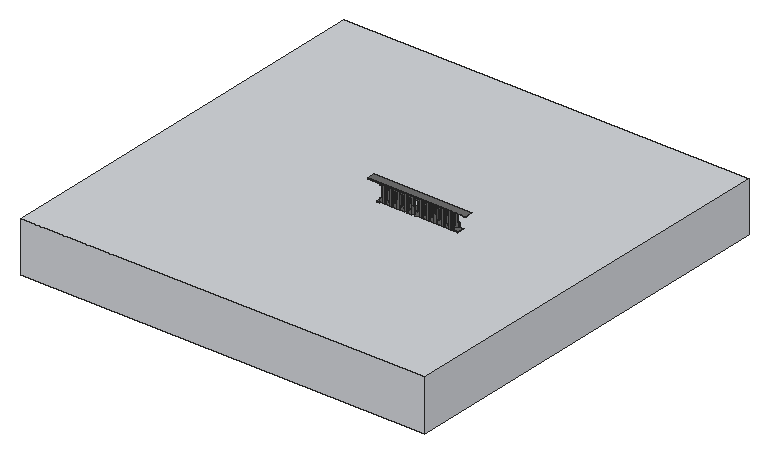
Revit family
Parameters (values of type "RS-RWM-1")
  Weight = 1.368 lbf
  U/M = "EA"
  U Space = "1"
  System = "Racks, Cable Mgt & RouteIT"
  Serial Number = "RS-RWM-1"
  Segment = "CSS"
  Ports = "0"
  Model = "CABLE MANAGER"
  Metal = none
  Manufacturer = "SIEMON"
  Loaded/Empty = "N/A"
  Item Group = "RACKS"
  Item Class = "1D"
  Description = "HORZ.CABLE MNGR.1U SINGLE W/COVER"
  Default Elevation = 4' - 0"
  Color = "Black"
Reference planes (in)
  plane 1 "Center (Front/Back)": y = 0
  plane 2: z = 0
  plane 3 "Center (Left/Right)": x = 0
Forms (in)
  Extrusion 1, solid
    sketch origin (0, 0, 0) x (1, 0, 0) y (0, 1, 0)
      loop
        line (-48, 48) -> (-48, -48) -> (48, -48) -> (48, 48) -> (-48, 48)
    from 0 to -12
Dimensions and locks (in)
  aligned and locked: plane 2 to Extrusion 1
  aligned and locked: level to Extrusion 1
Nested families (in)
  nested 1: "RS-RWM-1[1][1]" at (8.27115, -1.92781, 1.07979) x (0, 1, 0) z (0, 0, 1), type "RS-RWM-1[1][1]"
Definition of nested family "RS-RWM-1[1][1]"
  Parameters (values of type "RS-RWM-1[1][1]")
    Weight = "0.6 kgs (1.4 lbs)"
    UL Rating = "UL 1863"
    U Space / Capacity = "1U"
    Text1 = Symbol
    Text = Text
    Part Number = "RS-RWM-1"
    Material = Aluminum w/plastic fingers
    Manufacturer contact info/website = "www.siemon.com"
    Manufacturer = "Siemon"
    Dimensions (H x W x D) = "44.5mm x 0.48m x 102mm\r\n(1.75 in. x 19.0 in. x 4.0 in.)"
    Description = "Horizontal Cable Manager"
    Clearance = "89mm (3.5 in.) Front"
    Assembly Code = ""
  Reference planes (in)
    plane 1: z = -1.07979
    plane 2 "Center (Left/Right)": x = 1.14142
    plane 3: y = 0
    plane 4: y = 0
    plane 5: y = -1.64917
    plane 6: y = -0.90254
    plane 7: y = -1.64917
  Forms (in)
    Extrusion 1, solid, material "Aluminum w/plastic fingers" <- "Material"
      sketch origin (2.12203, -1.86104, 0.11974) x (0, 0, -1) y (-1, 0, 0)
        loop
          line (-2.97482, 1.87008) -> (-2.97482, 0) -> (-2.8747, 0) -> (-2.8747, 1.87008) -> (-2.97482, 1.87008)
      from -10.53993 to 12.71046
    Blend 2, solid, material "Aluminum w/plastic fingers" <- "Material"
      base sketch origin (-16.04472, 5.14683, 3.15234) x (1, 0, 0) y (0, 1, 0)
        loop
          arc (18.16629, -7.07514) -> (17.88715, -6.796) -> (18.16629, -6.51686) r 0.27914
          line (18.16629, -6.51686) -> (18.16629, -5.32317)
          arc (18.16629, -5.32317) -> (17.88715, -5.04403) -> (18.16629, -4.76489) r 0.27914
          line (18.16629, -4.76489) -> (18.16629, -3.57121)
          arc (18.16629, -3.57121) -> (17.88715, -3.29206) -> (18.16629, -3.01292) r 0.27914
          line (18.16629, -3.01292) -> (18.16629, -1.81924)
          arc (18.16629, -1.81924) -> (17.88715, -1.5401) -> (18.16629, -1.26095) r 0.27914
          line (18.16629, -1.26095) -> (18.16629, -0.06727)
          arc (18.16629, -0.06727) -> (17.88715, 0.21187) -> (18.16629, 0.49102) r 0.27914
          line (18.16629, 0.49102) -> (18.16629, 1.6847)
          arc (18.16629, 1.6847) -> (17.88715, 1.96384) -> (18.16629, 2.24298) r 0.27914
          line (18.16629, 2.24298) -> (18.16629, 2.83983) -> (18.07653, 2.83983) -> (18.07653, 2.32166)
          arc (18.07653, 2.32166) -> (17.79739, 1.96384) -> (18.07653, 1.60602) r 0.36891
          line (18.07653, 1.60602) -> (18.07653, 0.56969)
          arc (18.07653, 0.56969) -> (17.79739, 0.21187) -> (18.07653, -0.14595) r 0.36891
          line (18.07653, -0.14595) -> (18.07653, -1.18228)
          arc (18.07653, -1.18228) -> (17.79739, -1.5401) -> (18.07653, -1.89791) r 0.36891
          line (18.07653, -1.89791) -> (18.07653, -2.93424)
          arc (18.07653, -2.93424) -> (17.79739, -3.29206) -> (18.07653, -3.64988) r 0.36891
          line (18.07653, -3.64988) -> (18.07653, -4.68621)
          arc (18.07653, -4.68621) -> (17.79739, -5.04403) -> (18.07653, -5.40185) r 0.36891
          line (18.07653, -5.40185) -> (18.07653, -6.43818)
          arc (18.07653, -6.43818) -> (17.79739, -6.796) -> (18.07653, -7.15382) r 0.36891
          line (18.07653, -7.15382) -> (18.07653, -8.19015)
          arc (18.07653, -8.19015) -> (17.79739, -8.54797) -> (18.07653, -8.90579) r 0.36891
          line (18.07653, -8.90579) -> (18.07653, -9.94212)
          arc (18.07653, -9.94212) -> (17.79739, -10.29994) -> (18.07653, -10.65776) r 0.36891
          line (18.07653, -10.65776) -> (18.07653, -11.69409)
          arc (18.07653, -11.69409) -> (17.79739, -12.05191) -> (18.07653, -12.40973) r 0.36891
          line (18.07653, -12.40973) -> (18.07653, -13.44606)
          arc (18.07653, -13.44606) -> (17.79739, -13.80387) -> (18.07653, -14.16169) r 0.36891
          line (18.07653, -14.16169) -> (18.07653, -14.67986) -> (18.16629, -14.67986) -> (18.16629, -14.08302)
          arc (18.16629, -14.08302) -> (17.88715, -13.80387) -> (18.16629, -13.52473) r 0.27914
          line (18.16629, -13.52473) -> (18.16629, -12.33105)
          arc (18.16629, -12.33105) -> (17.88715, -12.05191) -> (18.16629, -11.77276) r 0.27914
          line (18.16629, -11.77276) -> (18.16629, -10.57908)
          arc (18.16629, -10.57908) -> (17.88715, -10.29994) -> (18.16629, -10.0208) r 0.27914
          line (18.16629, -10.0208) -> (18.16629, -8.82711)
          arc (18.16629, -8.82711) -> (17.88715, -8.54797) -> (18.16629, -8.26883) r 0.27914
          line (18.16629, -8.26883) -> (18.16629, -7.07514)
      top sketch origin (-16.04472, 5.14683, 3.15234) x (1, 0, 0) y (0, 1, 0)
        loop
          arc (18.16629, -7.00762) -> (17.95468, -6.796) -> (18.16629, -6.58439) r 0.21161
          line (18.16629, -6.58439) -> (18.16629, -5.25565)
          arc (18.16629, -5.25565) -> (17.95468, -5.04403) -> (18.16629, -4.83242) r 0.21161
          line (18.16629, -4.83242) -> (18.16629, -3.50368)
          arc (18.16629, -3.50368) -> (17.95468, -3.29206) -> (18.16629, -3.08045) r 0.21161
          line (18.16629, -3.08045) -> (18.16629, -1.75171)
          arc (18.16629, -1.75171) -> (17.95468, -1.5401) -> (18.16629, -1.32848) r 0.21161
          line (18.16629, -1.32848) -> (18.16629, 0.00026)
          arc (18.16629, 0.00026) -> (17.95468, 0.21187) -> (18.16629, 0.42349) r 0.21161
          line (18.16629, 0.42349) -> (18.16629, 1.75223)
          arc (18.16629, 1.75223) -> (17.95468, 1.96384) -> (18.16629, 2.17546) r 0.21161
          line (18.16629, 2.17546) -> (18.16629, 2.83983) -> (18.07653, 2.83983) -> (18.07653, 2.32166)
          arc (18.07653, 2.32166) -> (17.79739, 1.96384) -> (18.07653, 1.60602) r 0.36891
          line (18.07653, 1.60602) -> (18.07653, 0.56969)
          arc (18.07653, 0.56969) -> (17.79739, 0.21187) -> (18.07653, -0.14595) r 0.36891
          line (18.07653, -0.14595) -> (18.07653, -1.18228)
          arc (18.07653, -1.18228) -> (17.79739, -1.5401) -> (18.07653, -1.89791) r 0.36891
          line (18.07653, -1.89791) -> (18.07653, -2.93424)
          arc (18.07653, -2.93424) -> (17.79739, -3.29206) -> (18.07653, -3.64988) r 0.36891
          line (18.07653, -3.64988) -> (18.07653, -4.68621)
          arc (18.07653, -4.68621) -> (17.79739, -5.04403) -> (18.07653, -5.40185) r 0.36891
          line (18.07653, -5.40185) -> (18.07653, -6.43818)
          arc (18.07653, -6.43818) -> (17.79739, -6.796) -> (18.07653, -7.15382) r 0.36891
          line (18.07653, -7.15382) -> (18.07653, -8.19015)
          arc (18.07653, -8.19015) -> (17.79739, -8.54797) -> (18.07653, -8.90579) r 0.36891
          line (18.07653, -8.90579) -> (18.07653, -9.94212)
          arc (18.07653, -9.94212) -> (17.79739, -10.29994) -> (18.07653, -10.65776) r 0.36891
          line (18.07653, -10.65776) -> (18.07653, -11.69409)
          arc (18.07653, -11.69409) -> (17.79739, -12.05191) -> (18.07653, -12.40973) r 0.36891
          line (18.07653, -12.40973) -> (18.07653, -13.44606)
          arc (18.07653, -13.44606) -> (17.79739, -13.80387) -> (18.07653, -14.16169) r 0.36891
          line (18.07653, -14.16169) -> (18.07653, -14.67986) -> (18.16629, -14.67986) -> (18.16629, -14.01549)
          arc (18.16629, -14.01549) -> (17.95468, -13.80387) -> (18.16629, -13.59226) r 0.21161
          line (18.16629, -13.59226) -> (18.16629, -12.26352)
          arc (18.16629, -12.26352) -> (17.95468, -12.05191) -> (18.16629, -11.84029) r 0.21161
          line (18.16629, -11.84029) -> (18.16629, -10.51155)
          arc (18.16629, -10.51155) -> (17.95468, -10.29994) -> (18.16629, -10.08832) r 0.21161
          line (18.16629, -10.08832) -> (18.16629, -8.75958)
          arc (18.16629, -8.75958) -> (17.95468, -8.54797) -> (18.16629, -8.33636) r 0.21161
          line (18.16629, -8.33636) -> (18.16629, -7.00762)
      from -4.10257 to -0.36437
    Extrusion 3, void
      sketch origin (-1.13312, 1.64186, 0.21528) x (0, 1, 0) y (0, 0, 1)
        loop
          line (5.83343, -0.21528) -> (6.84581, -0.21528) -> (6.84581, 2.45618) -> (5.83343, 2.45618) -> (5.83343, -0.21528)
        loop
          line (4.08198, -0.21528) -> (5.09435, -0.21528) -> (5.09435, 2.45618) -> (4.08198, 2.45618) -> (4.08198, -0.21528)
        loop
          line (2.33053, -0.21528) -> (3.3429, -0.21528) -> (3.3429, 2.45618) -> (2.33053, 2.45618) -> (2.33053, -0.21528)
        loop
          line (0.57908, -0.21528) -> (1.59145, -0.21528) -> (1.59145, 2.45618) -> (0.57908, 2.45618) -> (0.57908, -0.21528)
        loop
          line (-1.17237, -0.21528) -> (-0.16, -0.21528) -> (-0.16, 2.45618) -> (-1.17237, 2.45618) -> (-1.17237, -0.21528)
        loop
          line (-2.92382, -0.21528) -> (-1.91145, -0.21528) -> (-1.91145, 2.45618) -> (-2.92382, 2.45618) -> (-2.92382, -0.21528)
        loop
          line (-4.67527, -0.21528) -> (-3.6629, -0.21528) -> (-3.6629, 2.45618) -> (-4.67527, 2.45618) -> (-4.67527, -0.21528)
        loop
          line (-6.42672, -0.21528) -> (-5.41435, -0.21528) -> (-5.41435, 2.45618) -> (-6.42672, 2.45618) -> (-6.42672, -0.21528)
        loop
          line (-8.17817, -0.21528) -> (-7.1658, -0.21528) -> (-7.1658, 2.45618) -> (-8.17817, 2.45618) -> (-8.17817, -0.21528)
        loop
          line (-9.92962, -0.21528) -> (-8.91725, -0.21528) -> (-8.91725, 2.45618) -> (-9.92962, 2.45618) -> (-9.92962, -0.21528)
        loop
          line (-11.68107, -0.21528) -> (-10.6687, -0.21528) -> (-10.6687, 2.45618) -> (-11.68107, 2.45618) -> (-11.68107, -0.21528)
      from 2.95632 to 3.25515
    Extrusion 4, solid, material "Aluminum w/plastic fingers" <- "Material"
      sketch origin (2.09772, -1.98781, -1.05131) x (0, 1, 0) y (-1, 0, 0)
        loop
          line (-8.42261, 0) -> (-7.73205, 0) -> (-7.73205, 0.35027) -> (-6.16305, 0.35027) -> (-2.66015, 0.35027) -> (4.34565, 0.35027) -> (7.84855, 0.35027) -> (9.90259, 0.35027) -> (9.90259, -0.02172) -> (10.59314, -0.02172) -> (10.59314, 1.84577) -> (9.90259, 1.84577) -> (9.90259, 1.5229) -> (7.84855, 1.5229) -> (4.34565, 1.5229) -> (-2.66015, 1.5229) -> (-6.16305, 1.5229) -> (-7.73205, 1.5229) -> (-7.73205, 1.64102) -> (-8.42261, 1.64102) -> (-8.42261, 0)
      from 0 to 0.1
    Blend 5, solid, material "Aluminum w/plastic fingers" <- "Material"
      base sketch origin (18.45736, 5.14683, 3.15234) x (1, 0, 0) y (0, 1, 0)
        loop
          line (-18.16629, -7.07514) -> (-18.16629, -8.26883)
          arc (-18.16629, -8.26883) -> (-17.88715, -8.54797) -> (-18.16629, -8.82711) r 0.27914
          line (-18.16629, -8.82711) -> (-18.16629, -10.0208)
          arc (-18.16629, -10.0208) -> (-17.88715, -10.29994) -> (-18.16629, -10.57908) r 0.27914
          line (-18.16629, -10.57908) -> (-18.16629, -11.77276)
          arc (-18.16629, -11.77276) -> (-17.88715, -12.05191) -> (-18.16629, -12.33105) r 0.27914
          line (-18.16629, -12.33105) -> (-18.16629, -13.52473)
          arc (-18.16629, -13.52473) -> (-17.88715, -13.80387) -> (-18.16629, -14.08302) r 0.27914
          line (-18.16629, -14.08302) -> (-18.16629, -14.67986) -> (-18.07653, -14.67986) -> (-18.07653, -14.16169)
          arc (-18.07653, -14.16169) -> (-17.79739, -13.80387) -> (-18.07653, -13.44606) r 0.36891
          line (-18.07653, -13.44606) -> (-18.07653, -12.40973)
          arc (-18.07653, -12.40973) -> (-17.79739, -12.05191) -> (-18.07653, -11.69409) r 0.36891
          line (-18.07653, -11.69409) -> (-18.07653, -10.65776)
          arc (-18.07653, -10.65776) -> (-17.79739, -10.29994) -> (-18.07653, -9.94212) r 0.36891
          line (-18.07653, -9.94212) -> (-18.07653, -8.90579)
          arc (-18.07653, -8.90579) -> (-17.79739, -8.54797) -> (-18.07653, -8.19015) r 0.36891
          line (-18.07653, -8.19015) -> (-18.07653, -7.15382)
          arc (-18.07653, -7.15382) -> (-17.79739, -6.796) -> (-18.07653, -6.43818) r 0.36891
          line (-18.07653, -6.43818) -> (-18.07653, -5.40185)
          arc (-18.07653, -5.40185) -> (-17.79739, -5.04403) -> (-18.07653, -4.68621) r 0.36891
          line (-18.07653, -4.68621) -> (-18.07653, -3.64988)
          arc (-18.07653, -3.64988) -> (-17.79739, -3.29206) -> (-18.07653, -2.93424) r 0.36891
          line (-18.07653, -2.93424) -> (-18.07653, -1.89791)
          arc (-18.07653, -1.89791) -> (-17.79739, -1.5401) -> (-18.07653, -1.18228) r 0.36891
          line (-18.07653, -1.18228) -> (-18.07653, -0.14595)
          arc (-18.07653, -0.14595) -> (-17.79739, 0.21187) -> (-18.07653, 0.56969) r 0.36891
          line (-18.07653, 0.56969) -> (-18.07653, 1.60602)
          arc (-18.07653, 1.60602) -> (-17.79739, 1.96384) -> (-18.07653, 2.32166) r 0.36891
          line (-18.07653, 2.32166) -> (-18.07653, 2.83983) -> (-18.16629, 2.83983) -> (-18.16629, 2.24298)
          arc (-18.16629, 2.24298) -> (-17.88715, 1.96384) -> (-18.16629, 1.6847) r 0.27914
          line (-18.16629, 1.6847) -> (-18.16629, 0.49102)
          arc (-18.16629, 0.49102) -> (-17.88715, 0.21187) -> (-18.16629, -0.06727) r 0.27914
          line (-18.16629, -0.06727) -> (-18.16629, -1.26095)
          arc (-18.16629, -1.26095) -> (-17.88715, -1.5401) -> (-18.16629, -1.81924) r 0.27914
          line (-18.16629, -1.81924) -> (-18.16629, -3.01292)
          arc (-18.16629, -3.01292) -> (-17.88715, -3.29206) -> (-18.16629, -3.57121) r 0.27914
          line (-18.16629, -3.57121) -> (-18.16629, -4.76489)
          arc (-18.16629, -4.76489) -> (-17.88715, -5.04403) -> (-18.16629, -5.32317) r 0.27914
          line (-18.16629, -5.32317) -> (-18.16629, -6.51686)
          arc (-18.16629, -6.51686) -> (-17.88715, -6.796) -> (-18.16629, -7.07514) r 0.27914
      top sketch origin (18.45736, 5.14683, 3.15234) x (1, 0, 0) y (0, 1, 0)
        loop
          line (-18.16629, -7.00762) -> (-18.16629, -8.33636)
          arc (-18.16629, -8.33636) -> (-17.95468, -8.54797) -> (-18.16629, -8.75958) r 0.21161
          line (-18.16629, -8.75958) -> (-18.16629, -10.08832)
          arc (-18.16629, -10.08832) -> (-17.95468, -10.29994) -> (-18.16629, -10.51155) r 0.21161
          line (-18.16629, -10.51155) -> (-18.16629, -11.84029)
          arc (-18.16629, -11.84029) -> (-17.95468, -12.05191) -> (-18.16629, -12.26352) r 0.21161
          line (-18.16629, -12.26352) -> (-18.16629, -13.59226)
          arc (-18.16629, -13.59226) -> (-17.95468, -13.80387) -> (-18.16629, -14.01549) r 0.21161
          line (-18.16629, -14.01549) -> (-18.16629, -14.67986) -> (-18.07653, -14.67986) -> (-18.07653, -14.16169)
          arc (-18.07653, -14.16169) -> (-17.79739, -13.80387) -> (-18.07653, -13.44606) r 0.36891
          line (-18.07653, -13.44606) -> (-18.07653, -12.40973)
          arc (-18.07653, -12.40973) -> (-17.79739, -12.05191) -> (-18.07653, -11.69409) r 0.36891
          line (-18.07653, -11.69409) -> (-18.07653, -10.65776)
          arc (-18.07653, -10.65776) -> (-17.79739, -10.29994) -> (-18.07653, -9.94212) r 0.36891
          line (-18.07653, -9.94212) -> (-18.07653, -8.90579)
          arc (-18.07653, -8.90579) -> (-17.79739, -8.54797) -> (-18.07653, -8.19015) r 0.36891
          line (-18.07653, -8.19015) -> (-18.07653, -7.15382)
          arc (-18.07653, -7.15382) -> (-17.79739, -6.796) -> (-18.07653, -6.43818) r 0.36891
          line (-18.07653, -6.43818) -> (-18.07653, -5.40185)
          arc (-18.07653, -5.40185) -> (-17.79739, -5.04403) -> (-18.07653, -4.68621) r 0.36891
          line (-18.07653, -4.68621) -> (-18.07653, -3.64988)
          arc (-18.07653, -3.64988) -> (-17.79739, -3.29206) -> (-18.07653, -2.93424) r 0.36891
          line (-18.07653, -2.93424) -> (-18.07653, -1.89791)
          arc (-18.07653, -1.89791) -> (-17.79739, -1.5401) -> (-18.07653, -1.18228) r 0.36891
          line (-18.07653, -1.18228) -> (-18.07653, -0.14595)
          arc (-18.07653, -0.14595) -> (-17.79739, 0.21187) -> (-18.07653, 0.56969) r 0.36891
          line (-18.07653, 0.56969) -> (-18.07653, 1.60602)
          arc (-18.07653, 1.60602) -> (-17.79739, 1.96384) -> (-18.07653, 2.32166) r 0.36891
          line (-18.07653, 2.32166) -> (-18.07653, 2.83983) -> (-18.16629, 2.83983) -> (-18.16629, 2.17546)
          arc (-18.16629, 2.17546) -> (-17.95468, 1.96384) -> (-18.16629, 1.75223) r 0.21161
          line (-18.16629, 1.75223) -> (-18.16629, 0.42349)
          arc (-18.16629, 0.42349) -> (-17.95468, 0.21187) -> (-18.16629, 0.00026) r 0.21161
          line (-18.16629, 0.00026) -> (-18.16629, -1.32848)
          arc (-18.16629, -1.32848) -> (-17.95468, -1.5401) -> (-18.16629, -1.75171) r 0.21161
          line (-18.16629, -1.75171) -> (-18.16629, -3.08045)
          arc (-18.16629, -3.08045) -> (-17.95468, -3.29206) -> (-18.16629, -3.50368) r 0.21161
          line (-18.16629, -3.50368) -> (-18.16629, -4.83242)
          arc (-18.16629, -4.83242) -> (-17.95468, -5.04403) -> (-18.16629, -5.25565) r 0.21161
          line (-18.16629, -5.25565) -> (-18.16629, -6.58439)
          arc (-18.16629, -6.58439) -> (-17.95468, -6.796) -> (-18.16629, -7.00762) r 0.21161
      from -4.10257 to -0.36437
    Extrusion 6, void
      sketch origin (3.63336, 1.64186, 0.11974) x (0, 1, 0) y (0, 0, -1)
        loop
          line (5.83343, 0.21528) -> (5.83343, -2.49873) -> (6.84581, -2.49873) -> (6.84581, 0.21528) -> (5.83343, 0.21528)
        loop
          line (4.08198, 0.21528) -> (4.08198, -2.49873) -> (5.09435, -2.49873) -> (5.09435, 0.21528) -> (4.08198, 0.21528)
        loop
          line (2.33053, 0.21528) -> (2.33053, -2.49873) -> (3.3429, -2.49873) -> (3.3429, 0.21528) -> (2.33053, 0.21528)
        loop
          line (0.57908, 0.21528) -> (0.57908, -2.49873) -> (1.59145, -2.49873) -> (1.59145, 0.21528) -> (0.57908, 0.21528)
        loop
          line (-1.17237, 0.21528) -> (-1.17237, -2.49873) -> (-0.16, -2.49873) -> (-0.16, 0.21528) -> (-1.17237, 0.21528)
        loop
          line (-2.92382, 0.21528) -> (-2.92382, -2.49873) -> (-1.91145, -2.49873) -> (-1.91145, 0.21528) -> (-2.92382, 0.21528)
        loop
          line (-4.67527, 0.21528) -> (-4.67527, -2.49873) -> (-3.6629, -2.49873) -> (-3.6629, 0.21528) -> (-4.67527, 0.21528)
        loop
          line (-6.42672, 0.21528) -> (-6.42672, -2.49873) -> (-5.41435, -2.49873) -> (-5.41435, 0.21528) -> (-6.42672, 0.21528)
        loop
          line (-8.17817, 0.21528) -> (-8.17817, -2.49873) -> (-7.1658, -2.49873) -> (-7.1658, 0.21528) -> (-8.17817, 0.21528)
        loop
          line (-9.92962, 0.21528) -> (-9.92962, -2.49873) -> (-8.91725, -2.49873) -> (-8.91725, 0.21528) -> (-9.92962, 0.21528)
        loop
          line (-11.68107, 0.21528) -> (-11.68107, -2.49873) -> (-10.6687, -2.49873) -> (-10.6687, 0.21528) -> (-11.68107, 0.21528)
      from 2.96331 to 3.66485
  Cuts and joins
    Extrusion 3, Extrusion 6 cuts Blend 2
    Extrusion 3, Extrusion 6 cuts Blend 5
  Lines and regions (in)
    reference lines
      curve 1: line (0.44033, 11.16759, 0) -> (0.44033, -13.04501, 0)
      curve 2: line (1.92781, 11.16759, 0) -> (1.92781, -13.04501, 0)
      curve 3: line (-0.03342, 8.27115, 0) -> (2.32878, 8.27115, 0)
      curve 4: line (-0.00939, -9.19471, 0) -> (2.44157, -9.19471, 0)
